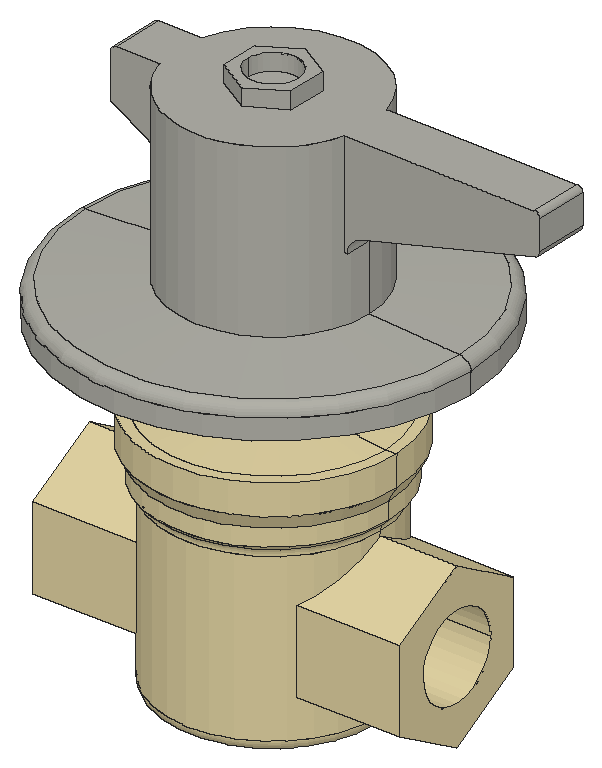
Revit family "QD21160000", category Apparecchi idraulici, Revit 2020
Family settings
  Quota connettore circolare = Usa diametro
  Tipo di parte = Normale
  Numero OmniClass = 23.45.00.00
  Titolo OmniClass = Sanitary, Laundry, and Cleaning Equipment
  Basato su piano di lavoro = No
  Sempre verticale = Sì
  Taglio con vuoti quando caricato = No
  Condiviso = No
  Punto di calcolo locali = No
Parameters
  URL = "https://web.cimberio.it/index.php/figura/95?subcategoria_id=43151"
  Temperatura di esercizio = "-10 ÷ 95°C"
  Prospetto di default = 0 mm
  Produttore = "CIMBERIO SPA"
  Pressione nominale = "PN 16"
  Modello = "Cim 128"
  Materiale = "Prodotto in lega di ottone conforme alla norma EN 12165-CW617N-DW."
  Descrizione = "Impiegato nei più svariati settori dell'impiantistica in condutture anti-ritorno per: reti di distribuzione acqua potabile, impianti di riscaldamento, condizionamento, igienico-sanitari e in generale con ogni fluido non corrosivo."
  DN Model [instance] = QD21161015 : QD21161015
  DN [instance] = 15 mm
  Commenti sul tipo = "Realizzato in ottemperanza ai requisiti gestionali della norma EN ISO 9001.\r\nCollaudato al 100% secondo la normativa EN 12266-1"
Reference planes
  plane 1 "Centro (Fronte/Retro)": y = 0
  plane 2: z = 0
  plane 3 "Centro (Sinistra/Destra)": x = 0
Dimensions and locks
  aligned and locked: level to plane 2
Nested families
  nested 1: "QD21161015" at (0, 0, 0), type <- "DN Model", type "QD21161015"
  nested 2: "QD21161015" at (0, 0, 0), type <- "DN Model", type "QD21161015"
  nested 3: "QD21161015" at (0, 0, 0), type <- "DN Model", type "QD21161015"
  nested 4: "QD21161015" at (0, 0, 0), type <- "DN Model", type "QD21161015"
  nested 5: "QD21161015" at (0, 0, 0), type <- "DN Model", type "QD21161015"
  nested 6: "QD21161015" at (0, 0, 0), type <- "DN Model", type "QD21161015"
  nested 7: "QD21161015" at (0, 0, 0), type <- "DN Model", type "QD21161015"
  nested 8: "QD21161015" at (0, 0, 0), type <- "DN Model", type "QD21161015"
  nested 9: "QD21161015" at (0, 0, 0), type <- "DN Model", type "QD21161015"
  nested 10: "QD21161015" at (0, 0, 0), type <- "DN Model", type "QD21161015"
Connectors
  piping at (32.5, 0, 0), diameter 15, driven by "DN"
    settings: on nested 1, index 1, connector inside diameter 609.6 mm, connector length 0 mm, flow factor 0, pipe flow 0.0 L/s, pressure drop 0.0 Pa, fitting loss kfactor 0, connector angle 0.00°, fixture units 0, engagement length 0 mm, angle of deflection 0.00°, flow configuration 0, flow direction 0, fitting loss method 0, system type 7, joint type 0, gender type 0, connector reference index -1, connector utility 0, adjustable connector no, is connector primary yes, connector description ""
  piping at (-32.5, 0, 0), diameter 15, driven by "DN"
    settings: on nested 1, index 2, connector inside diameter 609.6 mm, connector length 0 mm, flow factor 0, pipe flow 0.0 L/s, pressure drop 0.0 Pa, fitting loss kfactor 0, connector angle 0.00°, fixture units 0, engagement length 0 mm, angle of deflection 0.00°, flow configuration 0, flow direction 0, fitting loss method 0, system type 7, joint type 0, gender type 0, connector reference index -1, connector utility 0, adjustable connector no, is connector primary no, connector description ""
Definition of nested family "QD21161015"
  Parameters (values of type "QD21161015")
    Default Elevation = 0 mm
  Reference planes
    plane 1 "Centro (Fronte/Retro)": y = 0
    plane 2: z = 0
    plane 3 "Centro (Sinistra/Destra)": x = 0
  Forms (mm)
    Revolve 1, solid
      sketch origin (0, 0, 0) x (1, 0, 0) y (0, 0, 1)
        loop
          line (-9.583, 37) -> (-9.583, 30.334)
          arc (-9.583, 30.334) -> (-9.852, 29.65) -> (-10.516, 29.334) r 1.003
          line (-10.516, 29.334) -> (-20, 28.504) -> (-22, 28.5) -> (-22, 23.134) -> (-20.5, 20.536) -> (-20.5, 17.5) -> (-19.586, 16.586)
          arc (-19.586, 16.586) -> (-19.152, 15.937) -> (-19, 15.172) r 2
          line (-19, 15.172) -> (-19, -14.106)
          arc (-19, -14.106) -> (-18.451, -15.483) -> (-17.105, -16.104) r 2
          line (-17.105, -16.104) -> (0, -17) -> (0, 37) -> (-9.583, 37)
        axis (0, 37) -> (0, -17)
      angle from 0 to 360
    Extrusion 2, solid
      sketch origin (0, 0, 0) x (0, 1, 0) y (0, 0, 1)
        loop
          circle (0, 0) r 7.5
        loop
          line (0, 14.5) -> (-12.557, 7.25) -> (-12.557, -7.25) -> (0, -14.5) -> (12.557, -7.25) -> (12.557, 7.25) -> (0, 14.5)
      from -32.5 to -12.695
    Extrusion 3, solid
      sketch origin (0, 0, 0) x (0, 1, 0) y (0, 0, -1)
        loop
          circle (0, 0) r 7.5
        loop
          line (0, -14.5) -> (12.557, -7.25) -> (12.557, 7.25) -> (0, 14.5) -> (-12.557, 7.25) -> (-12.557, -7.25) -> (0, -14.5)
      from -32.5 to -12.695
    Revolve 4, solid
      sketch origin (0, 0, 0) x (1, 0, 0) y (0, 0, 1)
        loop
          line (0, 42.917) -> (-9.885, 42.917) -> (-13, 41.004) -> (-13, 39) -> (-12, 38) -> (-10.583, 38)
          arc (-10.583, 38) -> (-9.876, 37.707) -> (-9.583, 37) r 1
          line (-9.583, 37) -> (0, 37) -> (0, 42.917)
        axis (0, 42.917) -> (0, 37)
      angle from 0 to 360
    Revolve 5, solid
      sketch origin (0, 0, 0) x (1, 0, 0) y (0, 0, 1)
        loop
          arc (-33.103, 48.1) -> (-34.45, 47.48) -> (-35, 46.102) r 2
          line (-35, 46.102) -> (-35, 42.502) -> (0, 42.502) -> (0, 79) -> (-17, 79) -> (-17, 48.928) -> (-33.103, 48.1)
        axis (0, 79) -> (0, 42.502)
      angle from 0 to 360
    Extrusion 6, solid
      sketch origin (0, 0, 0) x (1, 0, 0) y (0, 0, 1)
        loop
          arc (-24, 79) -> (-24.707, 78.707) -> (-25, 78) r 1
          line (-25, 78) -> (-25, 70.577)
          arc (-25, 70.577) -> (-24.866, 70.077) -> (-24.5, 69.711) r 1
          line (-24.5, 69.711) -> (-18.5, 66.247)
          arc (-18.5, 66.247) -> (-17.392, 65.132) -> (-17, 63.609) r 3
          line (-17, 63.609) -> (-15.29, 63.609) -> (-15.29, 79) -> (-24, 79)
      from -4.744 to 4.66
    Extrusion 7, solid
      sketch origin (0, 0, 0) x (1, 0, 0) y (0, 0, 1)
        loop
          line (14.258, 79) -> (14.258, 60.584) -> (17, 60.584)
          arc (17, 60.584) -> (17.619, 62.412) -> (19.224, 63.485) r 3
          line (19.224, 63.485) -> (50.259, 71.801)
          arc (50.259, 71.801) -> (50.793, 72.158) -> (51, 72.767) r 1
          line (51, 72.767) -> (51, 78)
          arc (51, 78) -> (50.707, 78.707) -> (50, 79) r 1
          line (50, 79) -> (14.258, 79)
      from -4.744 to 4.66
    Extrusion 8, solid
      sketch origin (0, 0, 0) x (1, 0, 0) y (0, 1, 0)
        loop
          line (-6, 3.464) -> (-6, -3.464) -> (0, -6.928) -> (6, -3.464) -> (6, 3.464) -> (0, 6.928) -> (-6, 3.464)
        loop
          circle (0, 0) r 4.5
      from 79 to 81.944
  Cuts and joins
    joined: Revolve 5, Extrusion 6, Extrusion 7
  Lines and regions (mm)
    Split face 1
      outline origin (-15.29, -4.66, 79) x (0, 1, 0) y (-1, 0, 0)
        loop
          circle (4.66, -15.29) r 4.5
  Dimensions and locks
    aligned and locked: level to plane 2
